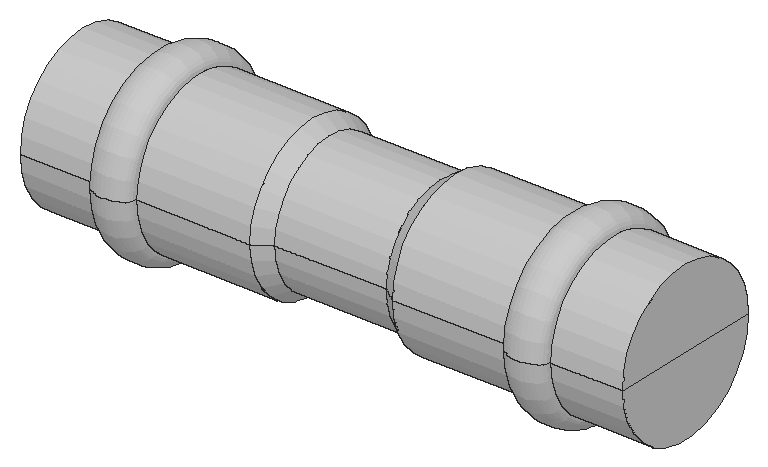
Revit family "PF_Соединение [Фитинг из нержавеющей стали - пресс-муфта VTi.903.I] - VALTEC", category Соединительные детали трубопроводов, Revit 2018
Family settings
  Размер круглого соединителя = Использовать диаметр
  Тип детали = Соединение
  На основе рабочей плоскости = Нет
  Всегда вертикально = Да
  При загрузке вырезать с полостями = Нет
  Общий = Нет
Parameters (values of type "VTi.903.I")
  Таблица 2 = "PF_Соединение [Фитинг из нержавеющей стали - пресс-муфта VTi.903.I] - VALTEC - Таблица 2"  # constant formula
  Таблица 1 = "PF_Соединение [Фитинг из нержавеющей стали - пресс-муфта VTi.903.I] - VALTEC - Таблица 1"  # constant formula
  Направление потока [instance] = A : A
  КМС [instance] = size_lookup(Таблица 2, "КМС", 0, d, d1)  # 0.03
  Изготовитель = "VALTEC"  # constant formula
  l5 [instance] = (L * 18.5) / 100  # 9.62 mm
  l4 [instance] = (L * 2.6) / 100  # 1.352 mm
  l3 [instance] = (L * 18.9) / 100  # 9.828 mm
  l2 [instance] = (L * 9.5) / 100  # 4.94 mm
  l1 [instance] = (L * 12) / 100  # 6.24 mm
  ADSK_Расход жидкости [instance] = 0.0 L/s
  3d [instance] = ([1d] * 86.4) / 100  # 11.75 mm
  h2 [instance] = (d1 * 10) / 100  # 1.2 mm
  h1 [instance] = (d * 10) / 100  # 1.2 mm
  d1 [instance] = d  # 12 mm
  d [instance] = 12 mm
  URL = "https://valtec.ru/"
  L [instance] = size_lookup(Таблица 1, "L", 0 mm, d, d1)  # 52 mm
  ADSK_Примечание [instance] = ""
  ADSK_Позиция [instance] = ""
  ADSK_Обозначение [instance] = "VTi.903.I"  # constant formula
  ADSK_Наименование [instance] = size_lookup(Таблица 1, "", "Данный типоразмер отсутствует", d, d1)  # "Фитинг из нержавеющей стали - пресс-муфта, 12 х 12 мм"
  ADSK_Материал = Сталь, нержавеющая - VALTEC
  ADSK_Масса [instance] = size_lookup(Таблица 1, "ADSK_Масса", 0, d, d1)  # 0.026
  ADSK_Марка [instance] = size_lookup(Таблица 2, "", "Данный типоразмер отсутствует", d, d1)  # "VTi.903.I.001212"
  ADSK_Код изделия [instance] = size_lookup(Таблица 2, "", "Данный типоразмер отсутствует", d, d1)  # "VTi.903.I.001212"
  ADSK_Завод-изготовитель [instance] = Изготовитель  # "VALTEC"
  ADSK_Единица измерения [instance] = "шт."  # constant formula
  ADSK_URL страницы изделия = "https://valtec.ru/catalog/sistemy_truboprovodov_iz_nerzhavejushhej_stali/fitingi_iz_nerzhavejushhej_stali/fiting_iz_nerjaveyushej_stali_press_mufta_vti903i.html"
  ADSK_URL документации изделия = "https://valtec.ru/document/technical/VT.INOX-PRESS-0117.pdf"
  2d [instance] = [1d]  # 13.6 mm
  1d [instance] = size_lookup(Таблица 1, "1d", 0 mm, d, d1)  # 13.6 mm
Reference planes
  plane 1 "По центру (Вперед/Назад)": y = 0
  plane 2: z = 0
  plane 3 "По центру (Влево/Вправо)": x = 0
  plane 4: x = -26
  plane 5: x = 26
  plane 6: y = 6.8
  plane 7: y = -6.8
  plane 8: y = 6.8
  plane 9: y = -6.8
  plane 10: x = -4.81
  plane 11: x = -6.162
  plane 12: x = 4.81
  plane 13: x = 6.162
  plane 14: x = -19.76
  plane 15: x = -15.99
  plane 16: y = 8
  plane 17: x = 19.76
  plane 18: x = 15.99
  plane 19: y = 8
Forms (mm)
  Revolve 1, solid, material "Сталь, нержавеющая - VALTEC" <- "ADSK_Материал", detail levels fine
    sketch origin (0, 0, 0) x (1, 0, 0) y (0, 1, 0)
      loop
        line (-19.76, 6.8) -> (-26, 6.8) -> (-26, 0) -> (-6.162, 0) -> (-6.162, 6.8) -> (-15.99, 6.8)
        spline (-15.99, 6.8) -> (-16.054, 7.111) -> (-16.243, 7.4) -> (-16.542, 7.649) -> (-16.932, 7.839) -> (-17.387, 7.959) -> (-17.875, 8) -> (-18.363, 7.959) -> (-18.817, 7.839) -> (-19.208, 7.649) -> (-19.507, 7.4) -> (-19.696, 7.111) -> (-19.76, 6.8)
      axis (-6.162, 0) -> (-26, 0)
    angle from 0 to 360
  Revolve 2, solid, material "Сталь, нержавеющая - VALTEC" <- "ADSK_Материал", detail levels fine
    sketch origin (0, 0, 0) x (1, 0, 0) y (0, 1, 0)
      loop
        line (6.162, 6.8) -> (6.162, 0) -> (26, 0) -> (26, 6.8) -> (19.76, 6.8)
        spline (19.76, 6.8) -> (19.696, 7.111) -> (19.507, 7.4) -> (19.208, 7.649) -> (18.818, 7.839) -> (18.363, 7.959) -> (17.875, 8) -> (17.387, 7.959) -> (16.933, 7.839) -> (16.542, 7.649) -> (16.243, 7.4) -> (16.054, 7.111) -> (15.99, 6.8)
        line (15.99, 6.8) -> (6.162, 6.8)
      axis (26, 0) -> (6.162, 0)
    angle from 0 to 360
  Blend 3, solid, material "Сталь, нержавеющая - VALTEC" <- "ADSK_Материал", detail levels fine
    base sketch origin (0, 0, 0) x (0, 1, 0) y (0, 0, 1)
      loop
        circle (0, 0) r 6.8
    top sketch origin (0, 0, 0) x (0, 1, 0) y (0, 0, 1)
      loop
        circle (0, 0) r 5.875
    from -6.162 to -4.81
  Blend 4, solid, material "Сталь, нержавеющая - VALTEC" <- "ADSK_Материал", detail levels fine
    base sketch origin (0, 0, 0) x (0, 1, 0) y (0, 0, 1)
      loop
        circle (0, 0) r 6.8
    top sketch origin (0, 0, 0) x (0, 1, 0) y (0, 0, 1)
      loop
        circle (0, 0) r 5.875
    from 6.162 to 4.81
  Extrusion 5, solid, material "Сталь, нержавеющая - VALTEC" <- "ADSK_Материал", detail levels fine
    sketch origin (0, 0, 0) x (0, 1, 0) y (0, 0, 1)
      loop
        circle (0, 0) r 5.875
    from -4.81 to 4.81
Cuts and joins
  joined: Revolve 1, Revolve 2, Blend 3, Blend 4, Extrusion 5
Lines and regions (mm)
  model lines, detail levels coarse+medium
    curve 1: line (-26, 0, 0) -> (26, 0, 0)
    curve 2: line (0, 6.8, 0) -> (0, -6.8, 0)
Dimensions and locks
  equal spacing: plane 4, plane 3 "По центру (Влево/Вправо)", plane 5
  "L": plane 4 to plane 5
  equal spacing: plane 7, plane 1 "По центру (Вперед/Назад)", plane 6
  "1d": plane 7 to plane 6
  equal spacing: plane 9, plane 1 "По центру (Вперед/Назад)", plane 8
  "1d": plane 9 to plane 8
  equal spacing: plane 10, plane 3 "По центру (Влево/Вправо)", plane 12
  "l5": plane 10 to plane 12
  "l4": plane 11 to plane 10
  "l4": plane 12 to plane 13
  "l3": plane 15 to plane 11
  "l1": plane 4 to plane 14
  "h1": plane 16 to plane 6
  "h1": Revolve 1 sketch curve to Revolve 1 sketch curve
  "h2": plane 19 to plane 8
  "l3": plane 13 to plane 18
  "l1": plane 17 to plane 5
  "h2": Revolve 2 sketch curve to Revolve 2 sketch curve
  "1d": diameter of Blend 3 sketch curve
  "3d": diameter of Blend 3 sketch curve
  "1d": diameter of Blend 4 sketch curve
  "3d": diameter of Blend 4 sketch curve
  "3d": diameter of Extrusion 5 sketch curve
  aligned and locked: level to plane 2
  aligned and locked: plane 14 to Revolve 1 sketch curve
  aligned and locked: plane 15 to Revolve 1 sketch curve
  aligned and locked: Revolve 1 sketch curve to plane 4
  aligned and locked: plane 11 to Revolve 1 sketch curve
  aligned and locked: plane 1 "По центру (Вперед/Назад)" to Revolve 1 sketch curve
  aligned and locked: plane 6 to Revolve 1 sketch curve  (x2)
  aligned and locked: Revolve 1 sketch curve to plane 1 "По центру (Вперед/Назад)"
  aligned and locked: plane 18 to Revolve 2 sketch curve
  aligned and locked: plane 17 to Revolve 2 sketch curve
  aligned and locked: plane 13 to Revolve 2 sketch curve
  aligned and locked: Revolve 2 sketch curve to plane 8
  aligned and locked: plane 8 to Revolve 2 sketch curve
  aligned and locked: Revolve 2 sketch curve to plane 5
  aligned and locked: plane 1 "По центру (Вперед/Назад)" to Revolve 2 sketch curve
  aligned and locked: Revolve 2 sketch curve to plane 1 "По центру (Вперед/Назад)"
  aligned and locked: level to Blend 3 sketch curve  (x2)
  aligned and locked: plane 1 "По центру (Вперед/Назад)" to Blend 3 sketch curve  (x2)
  aligned and locked: Blend 3 to plane 11
  aligned and locked: plane 10 to Blend 3
  aligned and locked: level to Blend 4 sketch curve  (x2)
  aligned and locked: plane 1 "По центру (Вперед/Назад)" to Blend 4 sketch curve  (x2)
  aligned and locked: plane 13 to Blend 4
  aligned and locked: plane 12 to Blend 4
  aligned and locked: level to Extrusion 5 sketch curve
  aligned and locked: plane 1 "По центру (Вперед/Назад)" to Extrusion 5 sketch curve
  aligned and locked: Extrusion 5 to plane 10
  aligned and locked: Extrusion 5 to plane 12
  aligned and locked: plane 5 to curve 1
  aligned and locked: plane 4 to curve 1
  aligned and locked: plane 1 "По центру (Вперед/Назад)" to curve 1
  aligned and locked: plane 9 to curve 2
  aligned and locked: plane 8 to curve 2
  aligned and locked: curve 2 to plane 3 "По центру (Влево/Вправо)"
Automatic sketch dimensions
  Revolve 1 sketch curve to plane 4 = 1974 mm
  Revolve 1 sketch curve to plane 5 = 1974 mm
  Revolve 2 sketch curve to plane 4 = 1974 mm
  Revolve 2 sketch curve to plane 5 = 1974 mm
Connectors
  piping at (-26, 0, 0), diameter 12, driven by "d", driven by "КМС", driven by "ADSK_Расход жидкости"
    settings: on cut or joined group of Revolve 1, Revolve 2, Blend 3, Blend 4, Extrusion 5, index 1, connector inside diameter 609.6 mm, connector length 0 mm, flow factor 0, pipe flow 0.0 L/s, pressure drop 0.0 Pa, fitting loss kfactor 0.03, connector angle 0.00°, fixture units 0, engagement length 0 mm, angle of deflection 0.00°, flow configuration 0, flow direction 0, fitting loss method 2, system type 29, joint type 0, gender type 0, connector reference index 2, connector utility 0, adjustable connector yes, is connector primary yes, connector description ""
  piping at (26, 0, 0), diameter 12, driven by "d"
    settings: on cut or joined group of Revolve 1, Revolve 2, Blend 3, Blend 4, Extrusion 5, index 2, connector inside diameter 609.6 mm, connector length 0 mm, flow factor 0, pipe flow 0.0 L/s, pressure drop 0.0 Pa, fitting loss kfactor 0, connector angle 0.00°, fixture units 0, engagement length 0 mm, angle of deflection 0.00°, flow configuration 0, flow direction 0, fitting loss method 0, system type 28, joint type 0, gender type 0, connector reference index 1, connector utility 0, adjustable connector no, is connector primary no, connector description ""
